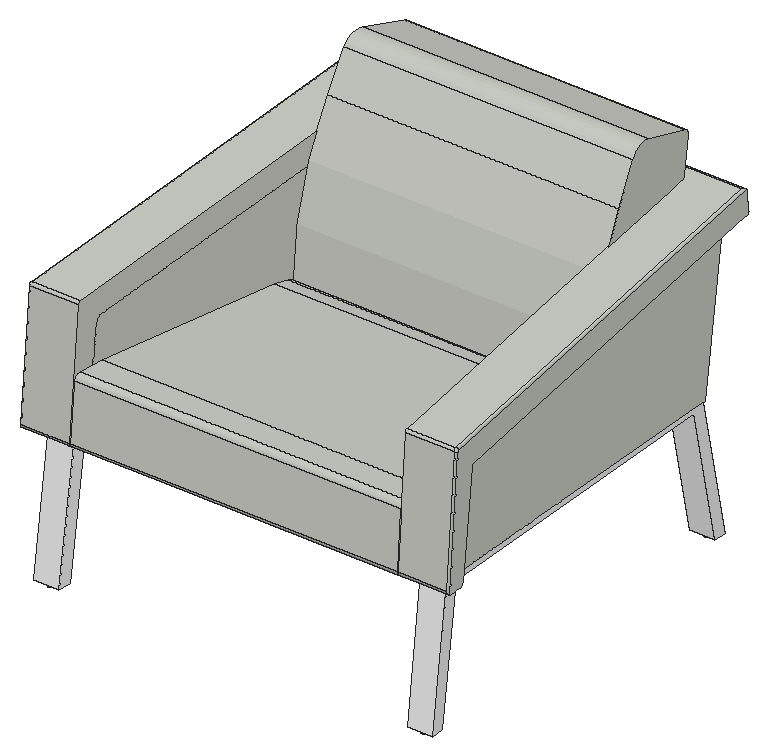
Revit family
Parameters (values of type "Upholstered Back")
  Width = 2' - 10"  # constant formula
  URL = "http://elanbydecca.com/"
  Upholstery [instance] = Furniture - DECCA (Elan) - Arno - Upholstery
  Base [instance] = Furniture - DECCA (Elan) - Arno - Base
  Product URL = "http://elanbydecca.com/PDFs/elan_tearsheet-ava.pdf"
  Model = "JS LC315U"
  Manufacturer = "Decca Contract"
  Height = 2' - 5 1/4"  # constant formula
  Description = "Arno Lounge"
  Depth = 2' - 8 1/4"  # constant formula
  Assembly Description = "Furniture & Accessories"
  Assembly Code = "E2020200"
  Back = Furniture - DECCA (Elan) - Arno - Upholstery
Types (3): name | Product URL | Model | Back
  (no name) | "http://elanbydecca.com/PDFs/elan_tearsheet-ava.pdf" | "JS LC315U" | Furniture - DECCA (Elan) - Arno - Upholstery
  Upholstered Back | "http://elanbydecca.com/PDFs/elan_tearsheet-ava.pdf" | "JS LC315U" | Furniture - DECCA (Elan) - Arno - Upholstery
  Wood Back | "http://elanbydecca.com/PDFs/elan_tearsheet-arno.pdf" | "JS LC315V" | Furniture - DECCA (Elan) - Arno - Wood
Reference planes
  plane 1 "Center Front/Back": y = -19.111
  plane 2: z = 0
  plane 3 "Center Left/Right": x = 0
  plane 4 "L": x = -431.8
  plane 5 "R": x = 431.8
  plane 6 "F": y = -428.686
  plane 7: y = 390.464
  plane 8: through (-158.836, 59.242, 594.094) normal (0.4297, -0.4297, 0.7941)
  plane 9 "ST": z = 742.95
  plane 10: z = 6.35
  plane 11: z = 520.7
  plane 12: z = 425.45
  plane 13 "LL": through (-402.072, -428.686, 1219.2) normal (-0.9981, 0.0614, 0)
  plane 14: through (-351.176, -428.686, 1219.2) normal (-0.9981, 0.0614, 0)
  plane 15: through (351.176, -428.686, 1219.2) normal (-0.9981, -0.0614, 0)
  plane 16: through (402.072, -428.686, 1219.2) normal (-0.9981, -0.0614, 0)
  plane 17: z = 269.261
  plane 18: x = -279.4
  plane 19: x = 279.4
  plane 20: through (431.8, -428.686, 1219.2) normal (-0.9981, -0.0614, 0)
  plane 21: through (-431.8, -428.686, 1219.2) normal (-0.9981, 0.0614, 0)
  plane 22: through (-329.786, -428.686, 1219.2) normal (-0.9981, 0.0614, 0)
  plane 23: through (329.786, -428.686, 1219.2) normal (-0.9981, -0.0614, 0)
  plane 24: x = -463.55
  plane 25: x = 463.55
  plane 26: y = 262.606
  plane 27: y = 320.495
  plane 28: y = 311.17
  plane 29: y = 361.528
  plane 30: z = 574.676
  plane 31: y = 312.697
Forms (mm)
  Extrusion 1, solid, material "Furniture - DECCA (Elan) - Arno - Base" <- "Base"
    sketch origin (0, 0, 0) x (0, 1, 0) y (0, 0, 1)
      loop
        line (306.179, 269.261) -> (-391.527, 269.261) -> (-428.477, 6.35) -> (-403.278, 6.35) -> (-367.731, 259.279) -> (282.859, 259.279) -> (340.433, 6.35) -> (366.025, 6.35) -> (306.179, 269.261)
    from -431.8 to -279.4
  Extrusion 2, solid, material "Furniture - DECCA (Elan) - Arno - Base" <- "Base"
    sketch origin (0, 0, 0) x (0, 1, 0) y (0, 0, 1)
      loop
        line (306.179, 269.261) -> (-391.527, 269.261) -> (-428.477, 6.35) -> (-403.278, 6.35) -> (-367.731, 259.279) -> (282.859, 259.279) -> (340.433, 6.35) -> (366.025, 6.35) -> (306.179, 269.261)
    from 279.4 to 431.8
  Extrusion 3, void
    sketch origin (0, 0, 260.35) x (-1, 0, 0) y (0, -1, 0)
      loop
        line (402.072, 428.686) -> (351.686, -390.464) -> (431.8, -390.464) -> (431.8, 428.686) -> (402.072, 428.686)
      loop
        line (351.176, 428.686) -> (279.4, 428.686) -> (279.4, -390.464) -> (300.79, -390.464) -> (351.176, 428.686)
      loop
        line (-351.176, 428.686) -> (-300.79, -390.464) -> (-279.4, -390.464) -> (-279.4, 428.686) -> (-351.176, 428.686)
      loop
        line (-402.072, 428.686) -> (-431.8, 428.686) -> (-431.8, -390.464) -> (-351.686, -390.464) -> (-402.072, 428.686)
    from -260.35 to 8.911
  Extrusion 4, solid, material "Furniture - DECCA (Elan) - Arno - Upholstery" <- "Upholstery"
    sketch origin (0, 0, 0) x (0, 1, 0) y (0, 0, 1)
      loop
        arc (385.959, 624.671) -> (383.552, 628.984) -> (378.782, 630.267) r 6.35
        line (378.782, 630.267) -> (-400.323, 523.2)
        arc (-400.323, 523.2) -> (-404.058, 521.287) -> (-405.785, 517.462) r 6.35
        line (-405.785, 517.462) -> (-426.895, 276.164)
        arc (-426.895, 276.164) -> (-425.251, 271.321) -> (-420.569, 269.261) r 6.35
        line (-420.569, 269.261) -> (-395.227, 269.261)
        arc (-395.227, 269.261) -> (-391.028, 270.847) -> (-388.927, 274.814) r 6.35
        line (-388.927, 274.814) -> (-363.959, 472.156)
        arc (-363.959, 472.156) -> (-362.173, 475.825) -> (-358.523, 477.65) r 6.35
        line (-358.523, 477.65) -> (384.686, 579.728)
        arc (384.686, 579.728) -> (388.829, 582.114) -> (390.133, 586.713) r 6.35
        line (390.133, 586.713) -> (385.959, 624.671)
    from -463.55 to 463.55
  Extrusion 5, void
    sketch origin (0, 0, 260.35) x (-1, 0, 0) y (0, -1, 0)
      loop
        line (431.8, 428.686) -> (381.414, -390.464) -> (463.55, -390.464) -> (463.55, 428.686) -> (431.8, 428.686)
      loop
        line (-431.8, 428.686) -> (-463.55, 428.686) -> (-463.55, -390.464) -> (-381.414, -390.464) -> (-431.8, 428.686)
    from -260.35 to 482.6
  Blend 6, void
    base sketch origin (0, 0, 260.35) x (-1, 0, 0) y (0, -1, 0)
      loop
        line (329.786, 428.686) -> (-329.786, 428.686) -> (-287.265, -262.606) -> (287.265, -262.606) -> (329.786, 428.686)
    top sketch origin (0, 0, 260.35) x (-1, 0, 0) y (0, -1, 0)
      loop
        line (329.786, 428.686) -> (-329.786, 428.686) -> (-283.704, -320.495) -> (283.704, -320.495) -> (329.786, 428.686)
    from -1.071 to 364.621
  Extrusion 7, solid, material "Furniture - DECCA (Elan) - Arno - Upholstery" <- "Upholstery"
    sketch origin (0, 0, 0) x (0, 1, 0) y (0, 0, 1)
      loop
        arc (364.601, 698.627) -> (362.788, 707.421) -> (355.611, 712.818) r 12.7
        line (355.611, 712.818) -> (257.474, 741.403)
        arc (257.474, 741.403) -> (232.508, 740.133) -> (213.703, 723.664) r 38.1
        line (213.703, 723.664) -> (174.511, 654.778)
        arc (174.511, 654.778) -> (113.176, 504.689) -> (92.267, 343.905) r 628.65
        line (92.267, 343.905) -> (92.267, 269.261) -> (262.646, 269.261) -> (319.737, 617.632)
        arc (319.737, 617.632) -> (321.572, 621.152) -> (325.139, 622.895) r 6.35
        line (325.139, 622.895) -> (348.488, 626.104)
        arc (348.488, 626.104) -> (352.065, 627.857) -> (353.894, 631.396) r 6.35
        line (353.894, 631.396) -> (364.601, 698.627)
    from -463.55 to 463.55
  Extrusion 8, void
    sketch origin (0, 0, 260.35) x (-1, 0, 0) y (0, -1, 0)
      loop
        line (329.786, 428.686) -> (279.4, -390.464) -> (463.55, -390.464) -> (463.55, 428.686) -> (329.786, 428.686)
      loop
        line (-329.786, 428.686) -> (-463.55, 428.686) -> (-463.55, -390.464) -> (-279.4, -390.464) -> (-329.786, 428.686)
    from 8.911 to 482.6
  Extrusion 9, solid, material "Furniture - DECCA (Elan) - Arno - Upholstery" <- "Upholstery"
    sketch origin (0, 0, 0) x (0, 1, 0) y (0, 0, 1)
      loop
        line (-417.338, 385.4) -> (-426.895, 276.164)
        arc (-426.895, 276.164) -> (-425.251, 271.321) -> (-420.569, 269.261) r 6.35
        line (-420.569, 269.261) -> (92.267, 269.261) -> (92.267, 347.698)
        arc (92.267, 347.698) -> (89.224, 355.946) -> (81.553, 360.241) r 12.7
        line (81.553, 360.241) -> (49.912, 365.253)
        arc (49.912, 365.253) -> (-151.117, 389.046) -> (-353.392, 396.994) r 2578.1
        line (-353.392, 396.994) -> (-404.686, 396.994)
        arc (-404.686, 396.994) -> (-413.266, 393.657) -> (-417.338, 385.4) r 12.7
    from -431.8 to 431.8
  Blend 10, solid, material "Furniture - DECCA (Elan) - Arno - Upholstery" <- "Back"
    base sketch origin (0, 0, 260.35) x (-1, 0, 0) y (0, -1, 0)
      loop
        line (402.072, 428.686) -> (389.348, 428.686) -> (344.62, -298.47) -> (-344.62, -298.47) -> (-389.348, 428.686) -> (-402.072, 428.686) -> (-356.563, -311.17) -> (356.563, -311.17) -> (402.072, 428.686)
    top sketch origin (0, 0, 260.35) x (-1, 0, 0) y (0, -1, 0)
      loop
        line (353.466, -361.528) -> (402.072, 428.686) -> (389.348, 428.686) -> (341.523, -348.828) -> (-341.523, -348.828) -> (-389.348, 428.686) -> (-402.072, 428.686) -> (-353.466, -361.528) -> (353.466, -361.528)
    from 8.911 to 320.061
  Extrusion 11, void
    sketch origin (0, 0, 0) x (0, 1, 0) y (0, 0, 1)
      loop
        line (390.464, 580.522) -> (390.464, 742.95) -> (-428.686, 742.95) -> (-428.686, 269.261) -> (-389.63, 269.261) -> (-363.959, 472.156)
        arc (-363.959, 472.156) -> (-362.173, 475.825) -> (-358.523, 477.649) r 6.35
        line (-358.523, 477.649) -> (390.464, 580.522)
    from -463.55 to 463.55
  Blend 12, solid, material "Furniture - DECCA (Elan) - Arno - Upholstery" <- "Upholstery"
    base sketch origin (0, 0, 260.35) x (-1, 0, 0) y (0, -1, 0)
      loop
        line (389.348, 428.686) -> (-389.348, 428.686) -> (-344.62, -298.47) -> (344.62, -298.47) -> (389.348, 428.686)
    top sketch origin (0, 0, 260.35) x (-1, 0, 0) y (0, -1, 0)
      loop
        line (389.348, 428.686) -> (-389.348, 428.686) -> (-341.58, -347.9) -> (341.58, -347.9) -> (389.348, 428.686)
    from 8.911 to 314.326
  Sweep 13, void
    path origin (-431.8, -428.686, 260.35) x (0.061394, 0.998114, 0) y (0, 0, -1)
      loop
        line (934.325, -387.108) -> (28.407, -262.848)
        arc (28.407, -262.848) -> (24.672, -260.936) -> (22.945, -257.112) r 6.35
        line (22.945, -257.112) -> (-3.67, 46.524)
    profile origin (-402.247, 51.772, 585.328) x (-0.008343, -0.135636, 0.990724) y (-0.998114, 0.061394, 0)
      loop
        arc (0, -4.762) -> (3.368, 3.368) -> (-4.763, 0) r 4.763
        arc (-4.763, 0) -> (-1.395, -1.395) -> (0, -4.762) r 4.762
  Sweep 14, void
    path origin (431.8, -428.686, 260.35) x (-0.061394, 0.998114, 0) y (0, 0, 1)
      loop
        line (-3.67, -46.524) -> (22.945, 257.112)
        arc (22.945, 257.112) -> (24.672, 260.936) -> (28.407, 262.848) r 6.35
        line (28.407, 262.848) -> (934.325, 387.108)
    profile origin (402.247, 51.772, 585.328) x (0.008343, -0.135636, 0.990724) y (0.998114, 0.061394, 0)
      loop
        arc (0, -4.762) -> (3.368, 3.368) -> (-4.762, 0) r 4.763
        arc (-4.762, 0) -> (-1.395, -1.395) -> (0, -4.762) r 4.762
  Extrusion 15, solid, material "Furniture - DECCA (Elan) - Arno - Base" <- "Base"
    sketch origin (0, 0, 260.35) x (-1, 0, 0) y (0, -1, 0)
      loop
        circle (375.836, 415.877) r 6.35
      loop
        circle (-375.836, 415.877) r 6.35
      loop
        circle (328.528, -353.229) r 6.35
      loop
        circle (-328.528, -353.229) r 6.35
    from -260.35 to -254
Cuts and joins
  Extrusion 3, Extrusion 5, Blend 6, Extrusion 8, Sweep 13 cuts Extrusion 1
  Extrusion 3, Extrusion 5, Blend 6, Extrusion 8, Extrusion 11, Sweep 14 cuts Extrusion 2
  joined: Extrusion 1, Extrusion 2, Extrusion 15
  Extrusion 5, Blend 6, Sweep 13, Sweep 14 cuts Extrusion 4
  Extrusion 8 cuts Extrusion 7
  Extrusion 11, Sweep 13, Sweep 14 cuts Blend 10
  Extrusion 8, Sweep 13, Sweep 14 cuts Extrusion 9
  Blend 6, Extrusion 11, Sweep 13, Sweep 14 cuts Blend 12
  joined: Extrusion 9, Blend 12
Dimensions and locks
  equal spacing: plane 4 "L", plane 3 "Center Left/Right", plane 5 "R"
  equal spacing: plane 7, plane 1 "Center Front/Back", plane 6 "F"
  "Width": plane 4 "L" to plane 5 "R"
  "Depth": plane 7 to plane 6 "F"
  "Height": plane 9 "ST" to level
  locked: plane 10 to level at 6.35
  plane 11 to level = 1' - 8 1/2"
  plane 12 to level = 1' - 4 3/4"
  locked: plane 13 "LL" to plane 14 at 50.8
  locked: plane 15 to plane 16 at 50.8
  locked: plane 16 to plane 5 "R" at 80.114
  locked: plane 16 to plane 5 "R" at 29.728
  locked: plane 4 "L" to plane 13 "LL" at 29.728
  locked: plane 4 "L" to plane 13 "LL" at 80.114
  locked: plane 17 to level at 269.261
  locked: plane 19 to plane 5 "R" at 152.4
  locked: plane 4 "L" to plane 18 at 152.4
  locked: plane 6 "F" to plane 5 "R" at 0
  locked: plane 6 "F" to plane 4 "L" at 0
  locked: plane 4 "L" to plane 21 at 50.386
  locked: plane 20 to plane 5 "R" at 50.386
  locked: plane 22 to plane 18 at 0
  locked: plane 23 to plane 19 at 0
  locked: plane 19 to plane 23 at 50.386
  locked: plane 22 to plane 18 at 50.386
  locked: Extrusion 5 sketch curve to plane 4 "L" at 31.75
  locked: plane 5 "R" to Extrusion 5 sketch curve at 31.75
  locked: plane 24 to plane 4 "L" at 31.75
  plane 5 "R" to plane 25 = 0' - 1 1/4"
  locked: Extrusion 7 to plane 25 at 0
  locked: Extrusion 9 to plane 5 "R" at 0
  aligned and locked: Extrusion 1 to plane 4 "L"
  aligned and locked: plane 18 to Extrusion 1
  aligned and locked: Extrusion 2 to plane 5 "R"
  aligned and locked: plane 19 to Extrusion 2
  aligned and locked: Extrusion 3 sketch curve to plane 13 "LL"
  aligned and locked: Extrusion 3 sketch curve to plane 14
  aligned and locked: Extrusion 3 sketch curve to plane 15
  aligned and locked: Extrusion 3 sketch curve to plane 16
  aligned and locked: Extrusion 3 sketch curve to plane 7
  aligned and locked: Extrusion 3 sketch curve to plane 6 "F"  (x2)
  aligned and locked: Extrusion 3 sketch curve to plane 4 "L"
  aligned and locked: plane 5 "R" to Extrusion 3 sketch curve
  aligned and locked: Extrusion 3 to level
  aligned and locked: plane 17 to Extrusion 3
  aligned: Extrusion 4 to plane 4 "L"
  aligned: Extrusion 4 to plane 5 "R"
  aligned and locked: Extrusion 5 sketch curve to plane 21
  aligned and locked: Extrusion 5 sketch curve to plane 7  (x2)
  aligned and locked: Extrusion 5 sketch curve to plane 20
  aligned and locked: Extrusion 5 to level
  aligned and locked: plane 9 "ST" to Extrusion 5
  aligned and locked: Extrusion 5 sketch curve to plane 6 "F"  (x2)
  aligned and locked: Extrusion 4 to plane 25
  aligned and locked: Extrusion 4 to plane 24
  aligned and locked: Blend 6 sketch curve to plane 6 "F"  (x2)
  aligned and locked: Blend 6 sketch curve to plane 22  (x2)
  aligned and locked: Blend 6 sketch curve to plane 26
  aligned and locked: Blend 6 sketch curve to plane 23  (x2)
  aligned and locked: Blend 6 sketch curve to plane 27
  aligned and locked: plane 17 to Extrusion 7 sketch curve
  aligned and locked: Extrusion 7 to plane 24
  aligned and locked: Extrusion 8 sketch curve to plane 22
  aligned and locked: Extrusion 8 sketch curve to plane 24
  aligned and locked: Extrusion 8 sketch curve to plane 7  (x2)
  aligned and locked: plane 23 to Extrusion 8 sketch curve
  aligned and locked: plane 25 to Extrusion 8 sketch curve
  aligned and locked: plane 9 "ST" to Extrusion 8
  aligned and locked: Extrusion 8 sketch curve to plane 6 "F"  (x2)
  aligned and locked: plane 17 to Extrusion 9 sketch curve
  aligned and locked: plane 17 to Extrusion 4 sketch curve
  aligned and locked: Extrusion 9 to plane 4 "L"
  aligned and locked: Blend 10 sketch curve to plane 13 "LL"  (x2)
  aligned and locked: Blend 10 sketch curve to plane 16  (x2)
  aligned and locked: Blend 10 sketch curve to plane 28
  aligned and locked: Blend 10 sketch curve to plane 6 "F"  (x2)
  aligned and locked: Blend 10 sketch curve to plane 29
  aligned and locked: plane 7 to Extrusion 11 sketch curve
  aligned and locked: plane 17 to Extrusion 11 sketch curve
  aligned and locked: plane 6 "F" to Extrusion 11 sketch curve
  aligned and locked: plane 9 "ST" to Extrusion 11 sketch curve
  aligned and locked: Extrusion 11 to Extrusion 5
  aligned and locked: Blend 12 sketch curve to plane 6 "F"  (x2)
  aligned and locked: Blend 12 sketch curve to cut or joined group of Blend 10, Extrusion 11, Sweep 13, Sweep 14  (x5)
  aligned and locked: cut or joined group of Blend 10, Extrusion 11, Sweep 13, Sweep 14 to Blend 12 sketch curve
Automatic sketch dimensions
  Extrusion 1 sketch curve to plane 10 = 0' - 0"
  Extrusion 1 sketch curve to plane 17 = 0' - 0"
  plane 10 to Extrusion 1 sketch curve = 0' - 0"
  plane 6 "F" to Extrusion 1 sketch curve = 0' - 0.00824"
  Extrusion 1 sketch curve to Extrusion 1 sketch curve = 0' - 0.99209"
  plane 6 "F" to Extrusion 1 sketch curve = 0' - 1.46295"
  Extrusion 1 sketch curve to plane 17 = 0' - 0.39297"
  Extrusion 1 sketch curve to Extrusion 1 sketch curve = 0' - 0.93686"
  Extrusion 1 sketch curve to plane 7 = 0' - 4.23642"
  Extrusion 1 sketch curve to Extrusion 1 sketch curve = 0' - 0.91811"
  Extrusion 1 sketch curve to plane 7 = 0' - 1.96975"
  Extrusion 1 sketch curve to plane 7 = 0' - 0.96218"
  Extrusion 2 sketch curve to plane 10 = 0' - 0"
  Extrusion 2 sketch curve to plane 17 = 0' - 0"
  plane 10 to Extrusion 2 sketch curve = 0' - 0"
  plane 6 "F" to Extrusion 2 sketch curve = 0' - 0.00824"
  Extrusion 2 sketch curve to Extrusion 2 sketch curve = 0' - 0.99209"
  plane 6 "F" to Extrusion 2 sketch curve = 0' - 1.46295"
  Extrusion 2 sketch curve to plane 17 = 0' - 0.39297"
  Extrusion 2 sketch curve to Extrusion 2 sketch curve = 0' - 0.93686"
  Extrusion 2 sketch curve to plane 7 = 0' - 4.23642"
  Extrusion 2 sketch curve to Extrusion 2 sketch curve = 0' - 0.91811"
  Extrusion 2 sketch curve to plane 7 = 0' - 1.96975"
  Extrusion 2 sketch curve to plane 7 = 0' - 0.96218"
  Extrusion 3 sketch curve to plane 7 = 0' - 0"  (x3)
  Extrusion 3 sketch curve to plane 19 = 0' - 0"
  Extrusion 3 sketch curve to plane 18 = 0' - 0"
  Extrusion 3 sketch curve to plane 6 "F" = 0' - 0"  (x2)
  Extrusion 7 sketch curve to plane 9 "ST" = 0' - 0.06092"
  Extrusion 7 sketch curve to plane 26 = 0' - 0.62156"
  Extrusion 7 sketch curve to plane 9 "ST" = 0' - 0.75931"
  Extrusion 7 sketch curve to Extrusion 7 sketch curve = 0' - 1 139/256"
  plane 17 to Extrusion 7 sketch curve = 0' - 2.93874"
  Extrusion 7 sketch curve to plane 1 "Center Front/Back" = 0' - 4.38495"
  Extrusion 7 sketch curve to plane 27 = 0' - 0.02984"
  plane 27 to Extrusion 7 sketch curve = 0' - 0.18283"
  plane 27 to Extrusion 7 sketch curve = 0' - 0.21686"
  Extrusion 7 sketch curve to Extrusion 7 sketch curve = 0' - 0.88521"
  Extrusion 7 sketch curve to Extrusion 7 sketch curve = 0' - 0.03404"
  plane 27 to Extrusion 7 sketch curve = 0' - 1.24268"
  Extrusion 7 sketch curve to Extrusion 7 sketch curve = 0' - 0.24689"
  Extrusion 7 sketch curve to plane 9 "ST" = 0' - 1.18631"
  Extrusion 7 sketch curve to Extrusion 7 sketch curve = 0' - 0.49378"
  Extrusion 9 sketch curve to Extrusion 9 sketch curve = 0' - 0.42178"
  Extrusion 9 sketch curve to Extrusion 9 sketch curve = 0' - 0 1/2"
  Extrusion 9 sketch curve to Extrusion 9 sketch curve = 0' - 1.24574"
  Extrusion 9 sketch curve to plane 12 = 0' - 1.12033"
  plane 6 "F" to Extrusion 9 sketch curve = 0' - 2.96432"
  plane 6 "F" to Extrusion 9 sketch curve = 0' - 0.94486"
  plane 6 "F" to Extrusion 9 sketch curve = 0' - 0.44676"
  plane 6 "F" to Extrusion 9 sketch curve = 0' - 0.07052"
  Extrusion 9 sketch curve to level = 7' - 1.87033"
  Extrusion 9 sketch curve to Extrusion 9 sketch curve = 0' - 0.02179"
  Extrusion 9 sketch curve to Extrusion 9 sketch curve = 0' - 0.69115"
  plane 6 "F" to Extrusion 4 sketch curve = 0' - 0.07052"
  Extrusion 4 sketch curve to plane 11 = 0' - 0.12748"
  plane 6 "F" to Extrusion 4 sketch curve = 0' - 0.90163"
  plane 11 to Extrusion 4 sketch curve = 0' - 0.09841"
  Extrusion 4 sketch curve to Extrusion 4 sketch curve = 0' - 0.21501"
  Extrusion 4 sketch curve to plane 11 = 0' - 0.14926"
  plane 17 to Extrusion 4 sketch curve = 0' - 0.21862"
  Extrusion 4 sketch curve to Extrusion 4 sketch curve = 0' - 1.39764"
  Extrusion 4 sketch curve to Extrusion 4 sketch curve = 0' - 0.214"
  Extrusion 4 sketch curve to Extrusion 4 sketch curve = 0' - 0.03402"
  Extrusion 4 sketch curve to plane 7 = 0' - 0.45992"
  Extrusion 4 sketch curve to Extrusion 4 sketch curve = 0' - 0.03404"
  Extrusion 4 sketch curve to plane 7 = 0' - 0.26152"
  Extrusion 4 sketch curve to plane 7 = 0' - 0.2275"
  Extrusion 4 sketch curve to plane 7 = 0' - 0.17738"
  Extrusion 4 sketch curve to plane 7 = 0' - 0.01301"
  plane 12 to Extrusion 4 sketch curve = 0' - 1.80743"
  Extrusion 4 sketch curve to Extrusion 4 sketch curve = 0' - 0.03138"
  plane 11 to Extrusion 4 sketch curve = 0' - 2.32394"
  Extrusion 4 sketch curve to Extrusion 4 sketch curve = 0' - 0.24767"
  Extrusion 4 sketch curve to Extrusion 4 sketch curve = 0' - 1.49438"
  Extrusion 4 sketch curve to Extrusion 4 sketch curve = 0' - 0 7/256"
  Extrusion 4 sketch curve to Extrusion 4 sketch curve = 0' - 0.24905"
  Extrusion 4 sketch curve to Extrusion 4 sketch curve = 0' - 0 1/4"
  Extrusion 4 sketch curve to Extrusion 4 sketch curve = 0' - 0.99771"
  Extrusion 4 sketch curve to Extrusion 4 sketch curve = 0' - 0.24802"
  Blend 10 sketch curve to Blend 10 sketch curve = 0' - 0.50094"  (x4)
  Blend 10 sketch curve to Blend 10 sketch curve = 0' - 0.47019"  (x4)
  plane 28 to Blend 10 sketch curve = 0' - 0 1/2"
  Blend 10 sketch curve to plane 6 "F" = 0' - 0"  (x2)
  Blend 10 sketch curve to plane 29 = 0' - 0 1/2"
  plane 6 "F" to Extrusion 11 sketch curve = 0' - 1.53764"
  plane 6 "F" to Extrusion 11 sketch curve = 0' - 2.54832"
  Extrusion 11 sketch curve to Extrusion 11 sketch curve = 0' - 0.214"
  Extrusion 11 sketch curve to Extrusion 11 sketch curve = 0' - 0.24802"
  plane 12 to Extrusion 11 sketch curve = 0' - 1.80742"
  Extrusion 11 sketch curve to Extrusion 11 sketch curve = 0' - 0.03138"
  plane 30 to Extrusion 11 sketch curve = 0' - 0.23016"
  plane 30 to Extrusion 7 sketch curve = 0' - 3.15363"
  Extrusion 7 sketch curve to Extrusion 7 sketch curve = 0' - 2.84674"
  Extrusion 7 sketch curve to plane 26 = 0' - 0.20208"
  plane 26 to Extrusion 7 sketch curve = 0' - 0.00154"
  Extrusion 7 sketch curve to plane 29 = 0' - 0.23295"
  Extrusion 7 sketch curve to Extrusion 7 sketch curve = 0' - 0.24767"
  Extrusion 7 sketch curve to Extrusion 7 sketch curve = 0' - 0.20835"
  Extrusion 7 sketch curve to Extrusion 7 sketch curve = 0' - 0.55869"
  Extrusion 5 to Sweep 13 sketch curve = 0' - 0.14447"
  Sweep 13 sketch curve to Extrusion 5 = 0' - 0.90333"
  Sweep 13 sketch curve to Sweep 13 sketch curve = 0' - 0.21507"
  Sweep 13 sketch curve to Sweep 13 sketch curve = 0' - 0.03397"
  Sweep 13 sketch curve to Extrusion 5 = 0' - 4.4735"
  Extrusion 5 to Sweep 13 sketch curve = 0' - 3.75952"
  Extrusion 5 to Sweep 13 sketch curve = 0' - 8.65164"
  Sweep 13 sketch curve to Sweep 13 sketch curve = 0' - 0.22585"
  Sweep 13 sketch curve to Sweep 13 sketch curve = 0' - 11.95417"
  profile plane to Sweep 13 sketch curve = 0' - 0"  (x2)
  Extrusion 5 to Sweep 14 sketch curve = 0' - 0.14447"
  Sweep 14 sketch curve to Extrusion 5 = 0' - 0.90333"
  Sweep 14 sketch curve to Sweep 14 sketch curve = 0' - 0.21507"
  Sweep 14 sketch curve to Sweep 14 sketch curve = 0' - 0.24905"
  Extrusion 5 to Sweep 14 sketch curve = 0' - 4.4735"
  Extrusion 5 to Sweep 14 sketch curve = 0' - 8.41834"
  Extrusion 5 to Sweep 14 sketch curve = 0' - 8.89932"
  Sweep 14 sketch curve to Sweep 14 sketch curve = 0' - 0.02183"
  Extrusion 5 to Sweep 14 sketch curve = 0' - 3.75952"
  Sweep 14 sketch curve to profile plane = 0' - 0"  (x2)
  plane 6 "F" to Extrusion 15 sketch curve = 0' - 0.50428"  (x2)
  plane 5 "R" to Extrusion 15 sketch curve = 0' - 2.2033"
  Extrusion 15 sketch curve to plane 29 = 0' - 0.32674"  (x2)
  Extrusion 15 sketch curve to plane 19 = 0' - 1.93417"
  Extrusion 15 sketch curve to plane 18 = 0' - 1.93417"
  plane 4 "L" to Extrusion 15 sketch curve = 0' - 2.2033"
  radius of Sweep 13 sketch curve = 0' - 0 3/16"
  radius of Sweep 14 sketch curve = 0' - 0 3/16"
  radius of Extrusion 15 sketch curve = 0' - 0 1/4"  (x4)
